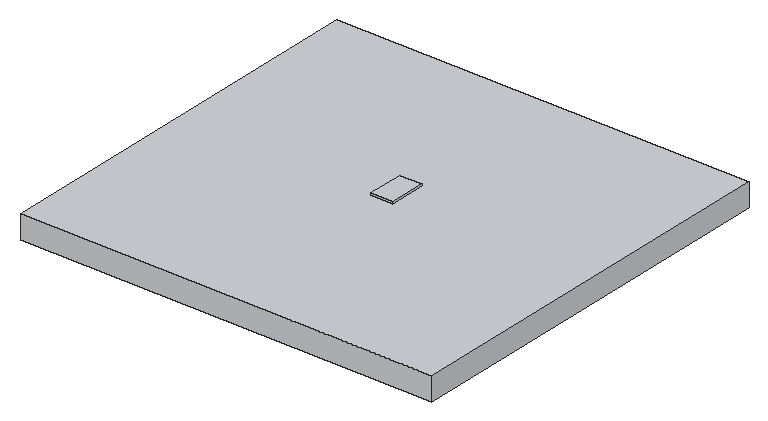
Revit family "M_Interruptor de manuseio iluminado", category Dispositivos de iluminação, Revit 2019
Family settings
  Hospedeiro = Face
  Manter orientação da anotação = Sim
  Cota do conector redondo = Utilizar diâmetro
  Tipo de parte = Interruptor
  Número OmniClass = 23.80.50.11.14
  Título OmniClass = Switches
  ID de item do Seek = Illuminated Handle Switch-0000-CAN-ENU
  Corte com vazios quando carregada = Não
  Compartilhado = Não
  Ponto de cálculo do ambiente = Não
Parameters (values of type "Padrão")
  Voltagem do interruptor = 120 V
  Número de pólos do interruptor = 1
  Classificação de carga = Outros
  Legenda = "H"
  Elevação-padrão = 1200 mm
  Assembly Code = ""
  Carga aparente = 0 VA
Reference planes
  plane 1 "Centro (Frente/Trás)": y = 0
  plane 2: z = 0
  plane 3 "Centro (Esquerda/Direita)": x = 0
  plane 4: x = -34.925
  plane 5: x = 34.925
  plane 6: x = -19.05
  plane 7: x = 19.05
  plane 8: y = 57.15
  plane 9: y = -57.15
  plane 10: y = 38.1
  plane 11: y = -38.1
  plane 12 "nível acima": z = 4.762
  plane 13 "nível abaixo": z = -53.975
Forms (mm)
  Extrusion 1, solid
    sketch origin (0, 0, 0) x (1, 0, 0) y (0, 1, 0)
      loop
        line (-644.525, 571.5) -> (-644.525, -666.75) -> (644.525, -666.75) -> (644.525, 571.5) -> (-644.525, 571.5)
    from 0 to -72.672
  Extrusion 2, solid
    sketch origin (0, 0, 0) x (1, 0, 0) y (0, 1, 0)
      loop
        line (-34.925, 57.15) -> (-34.925, -57.15) -> (34.925, -57.15) -> (34.925, 57.15) -> (-34.925, 57.15)
    from 0 to 4.762
  Extrusion 3, solid
    sketch origin (0, 0, 0) x (1, 0, 0) y (0, 1, 0)
      loop
        line (-19.05, 38.1) -> (-19.05, -38.1) -> (19.05, -38.1) -> (19.05, 38.1) -> (-19.05, 38.1)
    from 0 to -53.975
Lines and regions (mm)
  symbolic lines, detail levels fine
    curve 1: line (-34.925, 0, 4.762) -> (34.925, 0, 4.762)
    curve 2: line (-34.925, 0, 0) -> (-34.925, 0, 4.762)
    curve 3: line (34.925, 0, 0) -> (-34.925, 0, 0)
    curve 4: line (34.925, 0, 4.762) -> (34.925, 0, 0)
    curve 5: line (-19.05, 0, -53.975) -> (19.05, 0, -53.975)
    curve 6: line (-19.05, 0, 0) -> (-19.05, 0, -53.975)
    curve 7: line (19.05, 0, -53.975) -> (19.05, 0, 0)
Dimensions and locks
  equal spacing: plane 6, plane 3 "Centro (Esquerda/Direita)", plane 7, locked at 19.05 each
  locked: plane 6 to plane 7 at 38.1
  equal spacing: plane 4, plane 3 "Centro (Esquerda/Direita)", plane 5, locked at 34.925 each
  locked: plane 4 to plane 5 at 69.85
  locked: plane 8 to plane 9 at 114.3
  locked: plane 12 "nível acima" to level at 4.763
  locked: level to plane 13 "nível abaixo" at 53.975
  locked: plane 10 to plane 11 at 76.2
  equal spacing: plane 10, plane 1 "Centro (Frente/Trás)", plane 11, locked at 38.1 each
  equal spacing: plane 8, plane 1 "Centro (Frente/Trás)", plane 9, locked at 57.15 each
  aligned and locked: plane 2 to Extrusion 1
  aligned and locked: level to Extrusion 1
  aligned and locked: plane 8 to Extrusion 2
  aligned and locked: Extrusion 2 to plane 9
  aligned and locked: plane 5 to Extrusion 2
  aligned and locked: Extrusion 2 to plane 4
  aligned and locked: Extrusion 2 to level
  aligned and locked: plane 12 "nível acima" to Extrusion 2
  aligned and locked: plane 10 to Extrusion 3
  aligned and locked: Extrusion 3 to plane 6
  aligned and locked: plane 7 to Extrusion 3
  aligned and locked: Extrusion 3 to plane 11
  aligned and locked: Extrusion 3 to level
  aligned and locked: Extrusion 3 to plane 13 "nível abaixo"
  aligned and locked: plane 3 "Centro (Esquerda/Direita)" to nested 1
  aligned and locked: plane 1 "Centro (Frente/Trás)" to nested 1
  aligned and locked: curve 1 to plane 12 "nível acima"
  aligned and locked: plane 2 to curve 3
  aligned and locked: curve 5 to plane 13 "nível abaixo"
Automatic sketch dimensions
  Extrusion 2 sketch curve to plane 4 = 0 mm
  Extrusion 2 sketch curve to plane 5 = 0 mm
  Extrusion 2 sketch curve to plane 9 = 0 mm
  Extrusion 2 sketch curve to plane 8 = 0 mm
  Extrusion 3 sketch curve to plane 6 = 0 mm
  Extrusion 3 sketch curve to plane 7 = 0 mm
  Extrusion 3 sketch curve to plane 11 = 0 mm
  Extrusion 3 sketch curve to plane 10 = 0 mm
  Extrusion 1 sketch curve to Extrusion 1 sketch curve = 1289.05 mm
  Extrusion 1 sketch curve to Extrusion 1 sketch curve = 1238.25 mm
  curve 2 to plane 4 = 0 mm
  curve 3 to plane 5 = 0 mm
  plane 4 to curve 7 = 53.975 mm
  curve 5 to curve 5 = 38.1 mm
Nested families
  nested 1: "M_Anotação do interruptor" at (0, 0, 0), type "Anotação de interruptor", detail levels coarse+medium
Connectors
  electrical at (0, 38.1, -26.988), driven by "Voltagem do interruptor", driven by "Carga aparente", driven by "Número de pólos do interruptor", driven by "Classificação de carga"
    settings: on Extrusion 3, index 1, voltage 120 V, apparent load 0 VA, apparent load phase1 0 VA, apparent load phase2 0 VA, apparent load phase3 0 VA, power factor 1, load classification "Outros", number of poles 1, system type 31, power factor state 1, is connector primary yes, connector utility no, sub classification motor no, connector description ""
Definition of nested family "M_Anotação do interruptor"
  Parameters
    Legenda = "H"
  Reference planes
    plane 1: y = 0
    plane 2: x = 0
  Lines and regions (mm)
    detail lines
      curve 1: line (0, 3.175, 0) -> (0, 0, 0)
      curve 3: arc (0.383, 2.833, 0) -> (-0.62, 2.459, 0) -> (0, 1.587, 0) r 0.674
      curve 4: arc (0, 1.587, 0) -> (0.392, 0.545, 0) -> (-0.718, 0.631, 0) r 0.66
    reference lines
      curve 2: line (0, 1.587, 0) -> (-3.044, 1.588, 0)
      curve 5: line (2.564, -1.199, 0) -> (2.564, 2.384, 0)
      curve 6: line (2.564, -1.199, 0) -> (7.201, -1.199, 0)
      curve 7: line (2.564, 1.163, 0) -> (7.878, 1.163, 0)
  Text (mm)
    label "2" at (0.646, -0.127, 0), shows "Legenda"
  Dimensions and locks
    locked: curve 6 to curve 7 at 2.362
    locked: curve 1 to curve 5 at 2.564
    locked: curve 1 to curve 1 at 3.175
    locked: plane 1 to curve 2 at 1.588
    aligned and locked: curve 1 to curve 2
    aligned and locked: curve 3 to curve 2
    aligned and locked: curve 4 to curve 2
    aligned and locked: plane 1 to curve 1
    aligned and locked: curve 1 to plane 2
    aligned and locked: plane 2 to curve 1
